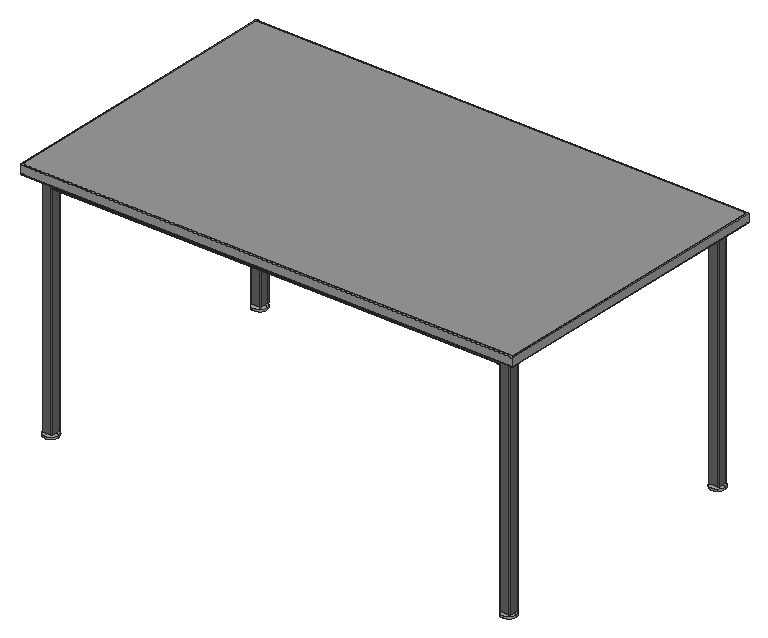
Revit family "Tutor 6036", category Generic Models, Revit 2018
Family settings
  Can host rebar = No
  Round Connector Dimension = Use Diameter
  Part Type = Normal
  Work Plane-Based = No
  Always vertical = Yes
  Cut with Voids When Loaded = No
  Shared = No
  Room Calculation Point = No
Parameters
  Surface = Tutor 6036 Surface
  Frame Finish = Tutor Frame Charcoal
  Edgeband = Tutor 6036 Edgeband
Reference planes (in)
  plane 1 "Center (Front/Back)": y = 0
  plane 2: z = 0
  plane 3 "Center (Left/Right)": x = 0
Forms (in)
  Extrusion 1, solid, material "Tutor Frame Charcoal" <- "Frame Finish"
    sketch origin (0, 0, -7) x (0, 1, 0) y (0, 0, 1)
      loop
        arc (16.4, 34.29492) -> (16.47071, 34.32421) -> (16.5, 34.39492) r 0.1
        line (16.5, 34.39492) -> (16.5, 35.44492)
        arc (16.5, 35.44492) -> (16.47071, 35.51563) -> (16.4, 35.54492) r 0.1
        line (16.4, 35.54492) -> (15.35, 35.54492)
        arc (15.35, 35.54492) -> (15.27929, 35.51563) -> (15.25, 35.44492) r 0.1
        line (15.25, 35.44492) -> (15.25, 34.39492)
        arc (15.25, 34.39492) -> (15.27929, 34.32421) -> (15.35, 34.29492) r 0.1
        line (15.35, 34.29492) -> (16.4, 34.29492)
      loop
        line (-16.4, 34.29492) -> (-15.35, 34.29492)
        arc (-15.35, 34.29492) -> (-15.27929, 34.32421) -> (-15.25, 34.39492) r 0.1
        line (-15.25, 34.39492) -> (-15.25, 35.44492)
        arc (-15.25, 35.44492) -> (-15.27929, 35.51563) -> (-15.35, 35.54492) r 0.1
        line (-15.35, 35.54492) -> (-16.4, 35.54492)
        arc (-16.4, 35.54492) -> (-16.47071, 35.51563) -> (-16.5, 35.44492) r 0.1
        line (-16.5, 35.44492) -> (-16.5, 34.39492)
        arc (-16.5, 34.39492) -> (-16.47071, 34.32421) -> (-16.4, 34.29492) r 0.1
    from -27.25 to 27.25
  Extrusion 2, solid, material "Tutor Frame Charcoal" <- "Frame Finish"
    sketch origin (0, 0, -7) x (1, 0, 0) y (0, 0, 1)
      loop
        arc (-27.35, 34.29492) -> (-27.27929, 34.32421) -> (-27.25, 34.39492) r 0.1
        line (-27.25, 34.39492) -> (-27.25, 35.44492)
        arc (-27.25, 35.44492) -> (-27.27929, 35.51563) -> (-27.35, 35.54492) r 0.1
        line (-27.35, 35.54492) -> (-28.4, 35.54492)
        arc (-28.4, 35.54492) -> (-28.47071, 35.51563) -> (-28.5, 35.44492) r 0.1
        line (-28.5, 35.44492) -> (-28.5, 34.39492)
        arc (-28.5, 34.39492) -> (-28.47071, 34.32421) -> (-28.4, 34.29492) r 0.1
        line (-28.4, 34.29492) -> (-27.35, 34.29492)
      loop
        line (27.35, 34.29492) -> (28.4, 34.29492)
        arc (28.4, 34.29492) -> (28.47071, 34.32421) -> (28.5, 34.39492) r 0.1
        line (28.5, 34.39492) -> (28.5, 35.44492)
        arc (28.5, 35.44492) -> (28.47071, 35.51563) -> (28.4, 35.54492) r 0.1
        line (28.4, 35.54492) -> (27.35, 35.54492)
        arc (27.35, 35.54492) -> (27.27929, 35.51563) -> (27.25, 35.44492) r 0.1
        line (27.25, 35.44492) -> (27.25, 34.39492)
        arc (27.25, 34.39492) -> (27.27929, 34.32421) -> (27.35, 34.29492) r 0.1
    from -15.25 to 15.25
  Extrusion 3, solid, material "Tutor 6036 Surface" <- "Surface"
    sketch origin (0, 0, -7) x (1, 0, 0) y (0, 1, 0)
      loop
        line (29.88189, 17.79339) -> (-29.88189, 17.79339) -> (-29.88189, -17.79339) -> (29.88189, -17.79339) -> (29.88189, 17.79339)
    from 35.54492 to 36.74492
  Sweep 4, solid, material "Tutor 6036 Edgeband" <- "Edgeband"
    path origin (0, 0, -7) x (1, 0, 0) y (0, 1, 0)
      loop
        line (29.88189, 17.79339) -> (-29.88189, 17.79339) -> (-29.88189, -17.79339) -> (29.88189, -17.79339) -> (29.88189, 17.79339)
    profile origin (0, 17.79339, -7) x (0, -1, 0) y (0, 0, 1)
      loop
        arc (0, 36.74492) -> (-0.08352, 36.71033) -> (-0.11811, 36.62681) r 0.11811
        line (-0.11811, 36.62681) -> (-0.11811, 35.66303)
        arc (-0.11811, 35.66303) -> (-0.08352, 35.57952) -> (0, 35.54492) r 0.11811
        line (0, 35.54492) -> (0, 36.74492)
  Extrusion 5, solid, material "Tutor Frame Charcoal" <- "Frame Finish"
    sketch origin (0, 0, -7) x (1, 0, 0) y (0, 1, 0)
      loop
        line (-27.375, 16.5) -> (-28.375, 16.5)
        arc (-28.375, 16.5) -> (-28.46339, 16.46339) -> (-28.5, 16.375) r 0.125
        line (-28.5, 16.375) -> (-28.5, 15.375)
        arc (-28.5, 15.375) -> (-28.46339, 15.28661) -> (-28.375, 15.25) r 0.125
        line (-28.375, 15.25) -> (-27.375, 15.25)
        arc (-27.375, 15.25) -> (-27.28661, 15.28661) -> (-27.25, 15.375) r 0.125
        line (-27.25, 15.375) -> (-27.25, 16.375)
        arc (-27.25, 16.375) -> (-27.28661, 16.46339) -> (-27.375, 16.5) r 0.125
      loop
        arc (27.375, 16.5) -> (27.28661, 16.46339) -> (27.25, 16.375) r 0.125
        line (27.25, 16.375) -> (27.25, 15.375)
        arc (27.25, 15.375) -> (27.28661, 15.28661) -> (27.375, 15.25) r 0.125
        line (27.375, 15.25) -> (28.375, 15.25)
        arc (28.375, 15.25) -> (28.46339, 15.28661) -> (28.5, 15.375) r 0.125
        line (28.5, 15.375) -> (28.5, 16.375)
        arc (28.5, 16.375) -> (28.46339, 16.46339) -> (28.375, 16.5) r 0.125
        line (28.375, 16.5) -> (27.375, 16.5)
      loop
        arc (-27.375, -16.5) -> (-27.28661, -16.46339) -> (-27.25, -16.375) r 0.125
        line (-27.25, -16.375) -> (-27.25, -15.375)
        arc (-27.25, -15.375) -> (-27.28661, -15.28661) -> (-27.375, -15.25) r 0.125
        line (-27.375, -15.25) -> (-28.375, -15.25)
        arc (-28.375, -15.25) -> (-28.46339, -15.28661) -> (-28.5, -15.375) r 0.125
        line (-28.5, -15.375) -> (-28.5, -16.375)
        arc (-28.5, -16.375) -> (-28.46339, -16.46339) -> (-28.375, -16.5) r 0.125
        line (-28.375, -16.5) -> (-27.375, -16.5)
      loop
        line (27.375, -16.5) -> (28.375, -16.5)
        arc (28.375, -16.5) -> (28.46339, -16.46339) -> (28.5, -16.375) r 0.125
        line (28.5, -16.375) -> (28.5, -15.375)
        arc (28.5, -15.375) -> (28.46339, -15.28661) -> (28.375, -15.25) r 0.125
        line (28.375, -15.25) -> (27.375, -15.25)
        arc (27.375, -15.25) -> (27.28661, -15.28661) -> (27.25, -15.375) r 0.125
        line (27.25, -15.375) -> (27.25, -16.375)
        arc (27.25, -16.375) -> (27.28661, -16.46339) -> (27.375, -16.5) r 0.125
    from 7.41992 to 35.54492
  Revolve 6, solid, material "Tutor Frame Platinum"
    sketch origin (0, -15.875, 0) x (1, 0, 0) y (0, 0, 1)
      loop
        line (-27.875, 0.41992) -> (-27.875, 0) -> (-27.00001, 0) -> (-27.00001, 0.16993) -> (-27.25, 0.41992) -> (-27.875, 0.41992)
      axis (-27.875, 0.41992) -> (-27.875, 0)
    angle from 0 to 360
  Revolve 7, solid, material "Tutor Frame Platinum"
    sketch origin (0, 15.875, 0) x (1, 0, 0) y (0, 0, -1)
      loop
        line (-27.875, -0.41992) -> (-27.25, -0.41992) -> (-27.00001, -0.16993) -> (-27.00001, 0) -> (-27.875, 0) -> (-27.875, -0.41992)
      axis (-27.875, -0.41992) -> (-27.875, 0)
    angle from 0 to 360
  Revolve 8, solid, material "Tutor Frame Platinum"
    sketch origin (0, 15.875, 0) x (-1, 0, 0) y (0, 0, 1)
      loop
        line (-27.875, 0.41992) -> (-27.875, 0) -> (-27.00001, 0) -> (-27.00001, 0.16993) -> (-27.25, 0.41992) -> (-27.875, 0.41992)
      axis (-27.875, 0.41992) -> (-27.875, 0)
    angle from 0 to 360
  Revolve 9, solid, material "Tutor Frame Platinum"
    sketch origin (0, -15.875, 0) x (-1, 0, 0) y (0, 0, -1)
      loop
        line (-27.875, -0.41992) -> (-27.25, -0.41992) -> (-27.00001, -0.16993) -> (-27.00001, 0) -> (-27.875, 0) -> (-27.875, -0.41992)
      axis (-27.875, -0.41992) -> (-27.875, 0)
    angle from 0 to 360
Dimensions and locks (in)
  aligned and locked: plane 2 to level
